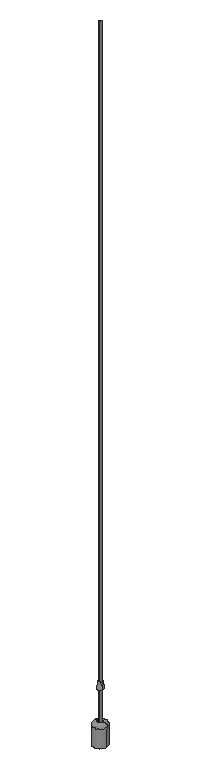
Revit family "Flax 1500", category Lighting Fixtures, host Ceiling, Revit 2017
Family settings
  Host = Ceiling
  Round Connector Dimension = Use Diameter
  Part Type = Normal
  OmniClass Number = 23.80.70.11
  OmniClass Title = Luminaries for Internal Lighting
  Always vertical = Yes
  Cut with Voids When Loaded = No
  Light Source = Yes
  Shared = No
  Room Calculation Point = No
Parameters (values of type "Generic")
  Wattage Comments = "Max. 60 Watts. 110V(US) / 230-240V(EU). Lamp NOT provided."
  Wattage = 6.7321 W
  built-in parameter 1150110 = 1 (stored number, unit not read)
  URL = "https://www.davidtrubridge.com"
  Type Comments = "Ceilig Rose required, contact supplier for options."
  built-in parameter 1114217 = 1 (stored number, unit not read)
  built-in parameter 1150109 = 1 (stored number, unit not read)
  built-in parameter 1150134 = (empty or 0)
  Suspension Top [instance] = Suspension Mid - 200 mm  # 1800 mm
  built-in parameter 1150113 = 1 (stored number, unit not read)
  Model = "Flax 1500"
  Manufacturer = "David Trubridge"
  Lumens = 1000 lm
  built-in parameter 1150115 = 1 (stored number, unit not read)
  built-in parameter 1150105 = 79.577 (stored number, unit not read)
  Suspension Mid [instance] = 2000 mm
  Light Source Symbol Size = 300 mm
  built-in parameter 1150137 = (empty or 0)
  built-in parameter 1150139 = (empty or 0)
  Lamp Wattage = 0 W
  built-in parameter 1150112 = 1 (stored number, unit not read)
  built-in parameter 1150114 = 1 (stored number, unit not read)
  Lamp = "E27 / (E26 USA)"
  built-in parameter 1150132 = 2
  built-in parameter 1150102 = (empty or 0)
  built-in parameter 1150138 = (empty or 0)
  built-in parameter 1150107 = 3000 (stored number, unit not read)
  built-in parameter 1150106 = 0.79577 (stored number, unit not read)
  built-in parameter 1150104 = 13.8 (stored number, unit not read)
  Dimming Lamp Color Temperature Shift = <None>
  Description = "Pendant in bamboo plywood. Can be made in a large range of colours. Lamp is not supplied"
  Cordset Finish = Plastic, Opaque White
  Color Filter = 16777215
  built-in parameter 1114218 = 1 (stored number, unit not read)
  built-in parameter 1150133 = 10 (stored number, unit not read)
  Apparent Load = 0 VA
Reference planes
  plane 1 "Light Source Axis (F/B)": y = 0
  plane 2: z = 0
  plane 3 "Light Source Axis (L/R)": x = 0
  plane 4 "Ceiling": z = 4000
  plane 5 "Light Source Elevation": z = 2000
  plane 6 "Top of pendant": z = 2200
  plane 7 "Light Socket": z = 2050
  plane 8 "Outer edge": x = -770.603
  plane 9 "Outer Edge": x = 770.585
  plane 10 "Bottom of Pendant": z = 1853.615
Forms (mm)
  Revolve 1, solid, material "Plastic, Opaque White" <- "Cordset Finish"
    sketch origin (0, 0, -205) x (1, 0, 0) y (0, 0, 1)
      loop
        line (0, 2317) -> (0, 2255) -> (20, 2255) -> (20, 2307)
        arc (20, 2307) -> (17.071, 2314.071) -> (10, 2317) r 10
        line (10, 2317) -> (0, 2317)
      axis (0, 2255) -> (0, 2317)
    angle from 0 to 360
  Extrusion 2, solid, material "Plastic, Opaque White" <- "Cordset Finish"
    sketch origin (0, 0, 3200) x (0, 1, 0) y (-1, 0, 0)
      loop
        circle (0, 0) r 3
    from -1000 to 800
  Extrusion 3, solid, material "Plastic, Opaque White" <- "Cordset Finish"
    sketch origin (0, 0, 3200) x (0, 1, 0) y (-1, 0, 0)
      loop
        circle (0, 0) r 3
    from -1150 to -1000
  Revolve 4, solid, material "Plastic, Opaque White" <- "Cordset Finish"
    sketch origin (0, 0, -40) x (1, 0, 0) y (0, 0, 1)
      loop
        line (0, 2260) -> (0, 2240) -> (7.5, 2240) -> (5, 2260) -> (0, 2260)
      axis (0, 2240) -> (0, 2260)
    angle from 0 to 360
Dimensions and locks
  equal spacing: host sketch curve, plane 3 "Light Source Axis (L/R)", host sketch curve
  equal spacing: host sketch curve, plane 1 "Light Source Axis (F/B)", host sketch curve
  host sketch curve to host sketch curve = 4000 mm  (x2)
  host ceiling to plane 4 "Ceiling" = 0 mm
  plane 4 "Ceiling" to level = 4000 mm
  "Suspension Mid": plane 5 "Light Source Elevation" to plane 4 "Ceiling"
  locked: plane 5 "Light Source Elevation" to plane 6 "Top of pendant" at 200
  locked: plane 5 "Light Source Elevation" to plane 7 "Light Socket" at 50
  plane 9 "Outer Edge" to plane 8 "Outer edge" = 1541.188 mm
  plane 8 "Outer edge" to plane 9 "Outer Edge" = 1541.188 mm
  locked: plane 10 "Bottom of Pendant" to plane 6 "Top of pendant" at 346.385
  aligned and locked: plane 3 "Light Source Axis (L/R)" to imposter light
  aligned and locked: plane 1 "Light Source Axis (F/B)" to imposter light
  aligned and locked: plane 5 "Light Source Elevation" to imposter light
  aligned and locked: plane 6 "Top of pendant" to Extrusion 2
  aligned and locked: Extrusion 3 to Revolve 1
  aligned and locked: plane 7 "Light Socket" to Extrusion 3
  aligned and locked: level to plane 2
  aligned and locked: Extrusion 3 to plane 6 "Top of pendant"
  aligned and locked: Extrusion 2 to plane 4 "Ceiling"
  aligned and locked: plane 4 "Ceiling" to host ceiling
  aligned and locked: import instance to plane 6 "Top of pendant"
Automatic sketch dimensions
  Revolve 1 sketch curve to plane 3 "Light Source Axis (L/R)" = 0 mm
  plane 3 "Light Source Axis (L/R)" to Revolve 1 sketch curve = 0 mm
  plane 3 "Light Source Axis (L/R)" to Revolve 1 sketch curve = 10 mm
  Revolve 1 sketch curve to Revolve 1 sketch curve = 20 mm
  Revolve 1 sketch curve to plane 5 "Light Source Elevation" = 50 mm
  Revolve 1 sketch curve to Revolve 1 sketch curve = 52 mm
  Revolve 1 sketch curve to level = 563.228 mm
  Revolve 1 sketch curve to plane 4 "Ceiling" = 157.185 mm
  plane 1 "Light Source Axis (F/B)" to Extrusion 2 sketch curve = 0 mm
  Extrusion 2 sketch curve to plane 3 "Light Source Axis (L/R)" = 0 mm
  plane 1 "Light Source Axis (F/B)" to Extrusion 3 sketch curve = 0 mm
  Extrusion 3 sketch curve to plane 3 "Light Source Axis (L/R)" = 0 mm
  Revolve 4 sketch curve to plane 3 "Light Source Axis (L/R)" = 0 mm  (x2)
  Revolve 4 sketch curve to plane 6 "Top of pendant" = 0 mm
  plane 3 "Light Source Axis (L/R)" to Revolve 4 sketch curve = 5 mm
  plane 3 "Light Source Axis (L/R)" to Revolve 4 sketch curve = 7.5 mm
  Revolve 4 sketch curve to plane 6 "Top of pendant" = 20 mm
  Revolve 4 sketch curve to level = 344.8 mm
  plane 4 "Ceiling" to Revolve 4 sketch curve = 40 mm
  radius of Extrusion 2 sketch curve = 3 mm
  radius of Extrusion 3 sketch curve = 3 mm
Connectors
  electrical at (0, 0, 4000)
    settings: index 1, voltage 0 V, apparent load 0 VA, apparent load phase1 0 VA, apparent load phase2 0 VA, apparent load phase3 0 VA, power factor 1, load classification "Other", number of poles 1, system type 30, power factor state 0, is connector primary yes, connector utility no, sub classification motor no, connector description ""
